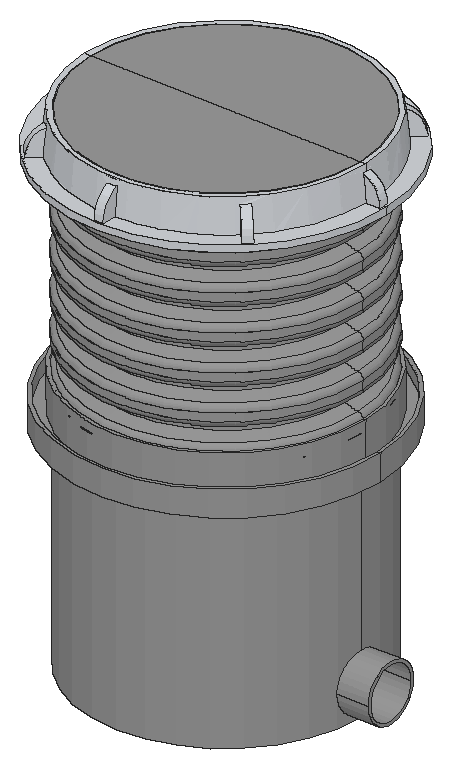
Revit family "XL-MI-G-PL-SP-OF", category Plumbing Fixtures, Revit 2015
Parameters (values of type "XL-MI-G-PL-SP-OF")
  URL = "www.mifab.com"
  Model = "XL-MI-G-PL-SP-OF"
  Manufacturer = "MIFAB"
  Description = "OFFSET EXTERNAL SAMPLING PORT"
Reference planes (in)
  plane 1 "Center (Front/Back)": y = 0
  plane 2: z = 0
  plane 3 "Center (Left/Right)": x = 0
  plane 4: z = -7
  plane 5: z = -16.53
  plane 6: z = 19.87
  plane 7: z = 16.87
  plane 8: x = -9
Forms (in)
  Revolve 1, solid, material "Steel AISI 1030 128A HR"
    sketch origin (0, 0, 0) x (1, 0, 0) y (0, 0, 1)
      loop
        line (-12.13081, 0) -> (-12.13081, -2) -> (-10.625, -2) -> (-10.625, -19) -> (0, -19) -> (0, -18.75) -> (-10.375, -18.75) -> (-10.375, -1.75) -> (-11.88081, -1.75) -> (-11.88081, 0) -> (-12.13081, 0)
      axis (0, 0) -> (0, -19)
    angle from 0 to 360
  Revolve 2, solid, material "Steel, Polished"
    sketch origin (0, 0, 0) x (1, 0, 0) y (0, 0, 1)
      loop
        line (-9, 16.87) -> (-9.25, 16.87) -> (-9.25, 16.56183) -> (-10.37485, 16.26043)
        arc (-10.37485, 16.26043) -> (-10.64211, 16.08185) -> (-10.74544, 15.77747) r 0.5
        line (-10.74544, 15.77747) -> (-10.74544, 15.16113)
        arc (-10.74544, 15.16113) -> (-10.64211, 14.85675) -> (-10.37485, 14.67817) r 0.5
        line (-10.37485, 14.67817) -> (-9.25, 14.37677) -> (-9.25, 14.0686) -> (-9.25, 13.76043) -> (-10.37485, 13.45903)
        arc (-10.37485, 13.45903) -> (-10.64211, 13.28045) -> (-10.74544, 12.97606) r 0.5
        line (-10.74544, 12.97606) -> (-10.74544, 12.35973)
        arc (-10.74544, 12.35973) -> (-10.64211, 12.05535) -> (-10.37485, 11.87677) r 0.5
        line (-10.37485, 11.87677) -> (-9.25, 11.57536) -> (-9.25, 11.2672) -> (-9.25, 10.95903) -> (-10.37485, 10.65763)
        arc (-10.37485, 10.65763) -> (-10.64211, 10.47904) -> (-10.74544, 10.17466) r 0.5
        line (-10.74544, 10.17466) -> (-10.74544, 9.55833)
        arc (-10.74544, 9.55833) -> (-10.64211, 9.25395) -> (-10.37485, 9.07536) r 0.5
        line (-10.37485, 9.07536) -> (-9.25, 8.77396) -> (-9.25, 8.46579) -> (-9.25, 8.15763) -> (-10.37485, 7.85622)
        arc (-10.37485, 7.85622) -> (-10.64211, 7.67764) -> (-10.74544, 7.37326) r 0.5
        line (-10.74544, 7.37326) -> (-10.74544, 6.75692)
        arc (-10.74544, 6.75692) -> (-10.64211, 6.45254) -> (-10.37485, 6.27396) r 0.5
        line (-10.37485, 6.27396) -> (-9.25, 5.97256) -> (-9.25, 5.66439) -> (-9.25, 5.35622) -> (-10.37485, 5.05482)
        arc (-10.37485, 5.05482) -> (-10.64211, 4.87624) -> (-10.74544, 4.57186) r 0.5
        line (-10.74544, 4.57186) -> (-10.74544, 3.95552)
        arc (-10.74544, 3.95552) -> (-10.64211, 3.65114) -> (-10.37485, 3.47256) r 0.5
        line (-10.37485, 3.47256) -> (-9.25, 3.17116) -> (-9.25, 2.86299) -> (-9.25, 2.55482) -> (-10.37485, 2.25342)
        arc (-10.37485, 2.25342) -> (-10.64211, 2.07484) -> (-10.74544, 1.77046) r 0.5
        line (-10.74544, 1.77046) -> (-10.74544, 1.15412)
        arc (-10.74544, 1.15412) -> (-10.64211, 0.84974) -> (-10.37485, 0.67116) r 0.5
        line (-10.37485, 0.67116) -> (-9.25, 0.36976) -> (-9.25, 0.06159) -> (-9.25, -0.24658) -> (-10.37485, -0.54798)
        arc (-10.37485, -0.54798) -> (-10.64211, -0.72657) -> (-10.74544, -1.03095) r 0.5
        line (-10.74544, -1.03095) -> (-10.74544, -1.75) -> (-10.49544, -1.75) -> (-10.49544, -1.03095)
        arc (-10.49544, -1.03095) -> (-10.44378, -0.87876) -> (-10.31014, -0.78946) r 0.25
        line (-10.31014, -0.78946) -> (-9.1853, -0.48806)
        arc (-9.1853, -0.48806) -> (-9.05166, -0.39877) -> (-9, -0.24658) r 0.25
        line (-9, -0.24658) -> (-9, 0.06159) -> (-9, 0.36976)
        arc (-9, 0.36976) -> (-9.05166, 0.52195) -> (-9.1853, 0.61124) r 0.25
        line (-9.1853, 0.61124) -> (-10.31014, 0.91264)
        arc (-10.31014, 0.91264) -> (-10.44378, 1.00193) -> (-10.49544, 1.15412) r 0.25
        line (-10.49544, 1.15412) -> (-10.49544, 1.77046)
        arc (-10.49544, 1.77046) -> (-10.44378, 1.92265) -> (-10.31014, 2.01194) r 0.25
        line (-10.31014, 2.01194) -> (-9.1853, 2.31334)
        arc (-9.1853, 2.31334) -> (-9.05166, 2.40263) -> (-9, 2.55482) r 0.25
        line (-9, 2.55482) -> (-9, 2.86299) -> (-9, 3.17116)
        arc (-9, 3.17116) -> (-9.05166, 3.32335) -> (-9.1853, 3.41264) r 0.25
        line (-9.1853, 3.41264) -> (-10.31014, 3.71404)
        arc (-10.31014, 3.71404) -> (-10.44378, 3.80333) -> (-10.49544, 3.95552) r 0.25
        line (-10.49544, 3.95552) -> (-10.49544, 4.57186)
        arc (-10.49544, 4.57186) -> (-10.44378, 4.72405) -> (-10.31014, 4.81334) r 0.25
        line (-10.31014, 4.81334) -> (-9.1853, 5.11474)
        arc (-9.1853, 5.11474) -> (-9.05166, 5.20403) -> (-9, 5.35622) r 0.25
        line (-9, 5.35622) -> (-9, 5.66439) -> (-9, 5.97256)
        arc (-9, 5.97256) -> (-9.05166, 6.12475) -> (-9.1853, 6.21404) r 0.25
        line (-9.1853, 6.21404) -> (-10.31014, 6.51544)
        arc (-10.31014, 6.51544) -> (-10.44378, 6.60473) -> (-10.49544, 6.75692) r 0.25
        line (-10.49544, 6.75692) -> (-10.49544, 7.37326)
        arc (-10.49544, 7.37326) -> (-10.44378, 7.52545) -> (-10.31014, 7.61474) r 0.25
        line (-10.31014, 7.61474) -> (-9.1853, 7.91614)
        arc (-9.1853, 7.91614) -> (-9.05166, 8.00543) -> (-9, 8.15763) r 0.25
        line (-9, 8.15763) -> (-9, 8.46579) -> (-9, 8.77396)
        arc (-9, 8.77396) -> (-9.05166, 8.92615) -> (-9.1853, 9.01544) r 0.25
        line (-9.1853, 9.01544) -> (-10.31014, 9.31684)
        arc (-10.31014, 9.31684) -> (-10.44378, 9.40614) -> (-10.49544, 9.55833) r 0.25
        line (-10.49544, 9.55833) -> (-10.49544, 10.17466)
        arc (-10.49544, 10.17466) -> (-10.44378, 10.32685) -> (-10.31014, 10.41614) r 0.25
        line (-10.31014, 10.41614) -> (-9.1853, 10.71755)
        arc (-9.1853, 10.71755) -> (-9.05166, 10.80684) -> (-9, 10.95903) r 0.25
        line (-9, 10.95903) -> (-9, 11.2672) -> (-9, 11.57536)
        arc (-9, 11.57536) -> (-9.05166, 11.72755) -> (-9.1853, 11.81685) r 0.25
        line (-9.1853, 11.81685) -> (-10.31014, 12.11825)
        arc (-10.31014, 12.11825) -> (-10.44378, 12.20754) -> (-10.49544, 12.35973) r 0.25
        line (-10.49544, 12.35973) -> (-10.49544, 12.97606)
        arc (-10.49544, 12.97606) -> (-10.44378, 13.12826) -> (-10.31014, 13.21755) r 0.25
        line (-10.31014, 13.21755) -> (-9.1853, 13.51895)
        arc (-9.1853, 13.51895) -> (-9.05166, 13.60824) -> (-9, 13.76043) r 0.25
        line (-9, 13.76043) -> (-9, 14.0686) -> (-9, 14.37677)
        arc (-9, 14.37677) -> (-9.05166, 14.52896) -> (-9.1853, 14.61825) r 0.25
        line (-9.1853, 14.61825) -> (-10.31014, 14.91965)
        arc (-10.31014, 14.91965) -> (-10.44378, 15.00894) -> (-10.49544, 15.16113) r 0.25
        line (-10.49544, 15.16113) -> (-10.49544, 15.77747)
        arc (-10.49544, 15.77747) -> (-10.44378, 15.92966) -> (-10.31014, 16.01895) r 0.25
        line (-10.31014, 16.01895) -> (-9.1853, 16.32035)
        arc (-9.1853, 16.32035) -> (-9.05166, 16.40964) -> (-9, 16.56183) r 0.25
        line (-9, 16.56183) -> (-9, 16.87)
      axis (0, -1.75) -> (0, 16.87)
    angle from 0 to 360
  Revolve 3, solid, material "Steel, Chrome Plated"
    sketch origin (0, 0, 0) x (1, 0, 0) y (0, 0, 1)
      loop
        line (-10.75, 1.91867) -> (-11, 1.91867) -> (-11, -1) -> (-11.87882, -1) -> (-11.87882, -1.75) -> (-10.75, -1.75) -> (-10.75, 1.91867)
      axis (0, -1.75) -> (0, 1.91867)
    angle from 0 to 360
  Revolve 4, solid
    sketch origin (0, 0, 0) x (1, 0, 0) y (0, 0, 1)
      loop
        line (-12.59369, 16.87) -> (-9, 16.87) -> (-8.88784, 16.56183) -> (-8.38784, 16.56183) -> (-8.6185, 17.87) -> (-9.84543, 17.87) -> (-10.57337, 19.87) -> (-11, 19.87) -> (-11.26276, 17.37) -> (-12.59369, 17.37) -> (-12.59369, 16.87)
      axis (0, 19.87) -> (0, 16.56183)
    angle from 0 to 360
  Extrusion 5, solid, material "Steel AISI 1030 128A HR"
    sketch origin (0, 0, 0) x (0, 1, 0) y (0, 0, 1)
      loop
        circle (0, -16.53) r 2.19
    from 10.16103 to 12.92543
  Extrusion 6, void
    sketch origin (0, 0, 0) x (0, 1, 0) y (0, 0, 1)
      loop
        circle (0, -16.53) r 2
    from -6.41266 to 15.79644
  Extrusion 7, solid, material "Steel AISI 1030 128A HR"
    sketch origin (0, 0, 0) x (0, 1, 0) y (0, 0, -1)
      loop
        circle (0, 7) r 2.19
    from 10.16103 to 12.92543
  Revolve 8, solid, material "Steel, Chrome Plated"
    sketch origin (0, 0, 0) x (1, 0, 0) y (0, 0, 1)
      loop
        line (-10.57337, 19.87) -> (-9.84543, 17.87) -> (0, 17.87) -> (0, 19.87) -> (-10.57337, 19.87)
      axis (0, 19.87) -> (0, 17.87)
    angle from 0 to 360
  Sweep 9, solid
    path origin (0, 0, 0) x (-0.707107, 0.707107, 0) y (0, 0, 1)
      loop
        arc (-12.36705, 17.2319) -> (-12.02173, 18.56242) -> (-10.95297, 19.42688) r 2.19564
    profile origin (8.50065, -8.50065, 18.56242) x (0.594431, -0.594431, 0.541576) y (0.707107, 0.707107, 0)
      loop
        line (0, -0.35121) -> (0, 0.33488) -> (-0.42506, 0.33488) -> (-0.42506, -0.35121) -> (0, -0.35121)
  Extrusion 10, solid
    sketch origin (0, 0, 0) x (-0.707107, 0.707107, 0) y (0, 0, 1)
      loop
        arc (-10.86142, 19.00583) -> (-11.65143, 18.35206) -> (-11.94654, 17.37) r 1.77058
        line (-11.94654, 17.37) -> (-10.86142, 17.37) -> (-10.86142, 19.00583)
    from -0.35121 to 0.33488
  Sweep 11, solid
    path origin (0, 0, 0) x (-1, 0, 0) y (0, 0, 1)
      loop
        arc (-12.36705, 17.2319) -> (-12.02173, 18.56242) -> (-10.95297, 19.42688) r 2.19564
    profile origin (12.02173, 0, 18.56242) x (0.840652, 0, 0.541576) y (0, 1, 0)
      loop
        line (0, -0.35121) -> (0, 0.33488) -> (-0.42506, 0.33488) -> (-0.42506, -0.35121) -> (0, -0.35121)
  Extrusion 12, solid
    sketch origin (0, 0, 0) x (-1, 0, 0) y (0, 0, 1)
      loop
        arc (-10.86142, 19.00583) -> (-11.65143, 18.35206) -> (-11.94654, 17.37) r 1.77058
        line (-11.94654, 17.37) -> (-10.86142, 17.37) -> (-10.86142, 19.00583)
    from -0.35121 to 0.33488
  Sweep 13, solid
    path origin (0, 0, 0) x (0, 1, 0) y (0, 0, 1)
      loop
        arc (-12.36705, 17.2319) -> (-12.02173, 18.56242) -> (-10.95297, 19.42688) r 2.19564
    profile origin (0, -12.02173, 18.56242) x (0, -0.840652, 0.541576) y (1, 0, 0)
      loop
        line (0, -0.35121) -> (0, 0.33488) -> (-0.42506, 0.33488) -> (-0.42506, -0.35121) -> (0, -0.35121)
  Extrusion 14, solid
    sketch origin (0, 0, 0) x (0, 1, 0) y (0, 0, 1)
      loop
        arc (-10.86142, 19.00583) -> (-11.65143, 18.35206) -> (-11.94654, 17.37) r 1.77058
        line (-11.94654, 17.37) -> (-10.86142, 17.37) -> (-10.86142, 19.00583)
    from -0.35121 to 0.33488
  Sweep 15, solid
    path origin (0, 0, 0) x (0.707107, 0.707107, 0) y (0, 0, 1)
      loop
        arc (-12.36705, 17.2319) -> (-12.02173, 18.56242) -> (-10.95297, 19.42688) r 2.19564
    profile origin (-8.50065, -8.50065, 18.56242) x (-0.594431, -0.594431, 0.541576) y (0.707107, -0.707107, 0)
      loop
        line (0, -0.35121) -> (0, 0.33488) -> (-0.42506, 0.33488) -> (-0.42506, -0.35121) -> (0, -0.35121)
  Extrusion 16, solid
    sketch origin (0, 0, 0) x (0.707107, 0.707107, 0) y (0, 0, 1)
      loop
        arc (-10.86142, 19.00583) -> (-11.65143, 18.35206) -> (-11.94654, 17.37) r 1.77058
        line (-11.94654, 17.37) -> (-10.86142, 17.37) -> (-10.86142, 19.00583)
    from -0.35121 to 0.33488
  Sweep 17, solid
    path origin (0, 0, 0) x (1, 0, 0) y (0, 0, 1)
      loop
        arc (-12.36705, 17.2319) -> (-12.02173, 18.56242) -> (-10.95297, 19.42688) r 2.19564
    profile origin (-12.02173, 0, 18.56242) x (-0.840652, 0, 0.541576) y (0, -1, 0)
      loop
        line (0, -0.35121) -> (0, 0.33488) -> (-0.42506, 0.33488) -> (-0.42506, -0.35121) -> (0, -0.35121)
  Extrusion 18, solid
    sketch origin (0, 0, 0) x (1, 0, 0) y (0, 0, 1)
      loop
        arc (-10.86142, 19.00583) -> (-11.65143, 18.35206) -> (-11.94654, 17.37) r 1.77058
        line (-11.94654, 17.37) -> (-10.86142, 17.37) -> (-10.86142, 19.00583)
    from -0.35121 to 0.33488
  Sweep 19, solid
    path origin (0, 0, 0) x (0.707107, -0.707107, 0) y (0, 0, 1)
      loop
        arc (-12.36705, 17.2319) -> (-12.02173, 18.56242) -> (-10.95297, 19.42688) r 2.19564
    profile origin (-8.50065, 8.50065, 18.56242) x (-0.594431, 0.594431, 0.541576) y (-0.707107, -0.707107, 0)
      loop
        line (0, -0.35121) -> (0, 0.33488) -> (-0.42506, 0.33488) -> (-0.42506, -0.35121) -> (0, -0.35121)
  Extrusion 20, solid
    sketch origin (0, 0, 0) x (0.707107, -0.707107, 0) y (0, 0, 1)
      loop
        arc (-10.86142, 19.00583) -> (-11.65143, 18.35206) -> (-11.94654, 17.37) r 1.77058
        line (-11.94654, 17.37) -> (-10.86142, 17.37) -> (-10.86142, 19.00583)
    from -0.35121 to 0.33488
  Sweep 21, solid
    path origin (0, 0, 0) x (0, -1, 0) y (0, 0, 1)
      loop
        arc (-12.36705, 17.2319) -> (-12.02173, 18.56242) -> (-10.95297, 19.42688) r 2.19564
    profile origin (0, 12.02173, 18.56242) x (0, 0.840652, 0.541576) y (-1, 0, 0)
      loop
        line (0, -0.35121) -> (0, 0.33488) -> (-0.42506, 0.33488) -> (-0.42506, -0.35121) -> (0, -0.35121)
  Extrusion 22, solid
    sketch origin (0, 0, 0) x (0, -1, 0) y (0, 0, 1)
      loop
        arc (-10.86142, 19.00583) -> (-11.65143, 18.35206) -> (-11.94654, 17.37) r 1.77058
        line (-11.94654, 17.37) -> (-10.86142, 17.37) -> (-10.86142, 19.00583)
    from -0.35121 to 0.33488
  Sweep 23, solid
    path origin (0, 0, 0) x (-0.707107, -0.707107, 0) y (0, 0, 1)
      loop
        arc (-12.36705, 17.2319) -> (-12.02173, 18.56242) -> (-10.95297, 19.42688) r 2.19564
    profile origin (8.50065, 8.50065, 18.56242) x (0.594431, 0.594431, 0.541576) y (-0.707107, 0.707107, 0)
      loop
        line (0, -0.35121) -> (0, 0.33488) -> (-0.42506, 0.33488) -> (-0.42506, -0.35121) -> (0, -0.35121)
  Extrusion 24, solid
    sketch origin (0, 0, 0) x (-0.707107, -0.707107, 0) y (0, 0, 1)
      loop
        arc (-10.86142, 19.00583) -> (-11.65143, 18.35206) -> (-11.94654, 17.37) r 1.77058
        line (-11.94654, 17.37) -> (-10.86142, 17.37) -> (-10.86142, 19.00583)
    from -0.35121 to 0.33488
  Extrusion 25, void
    sketch origin (0, 0, 9.53) x (0, 1, 0) y (0, 0, 1)
      loop
        circle (0, -16.53) r 2
    from -13.69599 to -6.41266
Cuts and joins
  joined: Revolve 4, Sweep 9, Extrusion 10, Sweep 11, Extrusion 12, Sweep 13, Extrusion 14, Sweep 15, Extrusion 16, Sweep 17, Extrusion 18, Sweep 19, Extrusion 20, Sweep 21, Extrusion 22, Sweep 23, Extrusion 24
  Extrusion 6, Extrusion 25 cuts Revolve 1
  Extrusion 6, Extrusion 25 cuts Extrusion 5
  Extrusion 6, Extrusion 25 cuts Extrusion 7
  joined: Revolve 1, Extrusion 5, Extrusion 7
Dimensions and locks (in)
  locked: plane 4 to plane 2 at 7
  locked: plane 4 to Revolve 1 sketch curve at 12
  locked: plane 5 to Revolve 1 at 2.47
  locked: plane 6 to plane 5 at 36.4
  locked: plane 6 to plane 7 at 3
  locked: plane 8 to plane 3 "Center (Left/Right)" at 9
  locked: Extrusion 5 to Extrusion 5 at 2.7644
  locked: Extrusion 7 to Extrusion 7 at 2.7644
  aligned and locked: level to plane 2
  aligned and locked: Revolve 1 sketch curve to plane 3 "Center (Left/Right)"
  aligned and locked: Revolve 2 sketch curve to Revolve 1
  aligned and locked: Revolve 2 sketch curve to plane 7
  aligned and locked: Revolve 2 sketch curve to Revolve 2 sketch curve
  aligned and locked: plane 3 "Center (Left/Right)" to Revolve 2 sketch curve
  aligned and locked: plane 3 "Center (Left/Right)" to Revolve 3 sketch curve
  aligned and locked: Revolve 4 sketch curve to plane 3 "Center (Left/Right)"
  aligned and locked: plane 5 to Extrusion 5 sketch curve
  aligned and locked: plane 1 "Center (Front/Back)" to Extrusion 5 sketch curve
  aligned and locked: plane 1 "Center (Front/Back)" to Extrusion 6 sketch curve
  aligned and locked: plane 5 to Extrusion 6 sketch curve
  aligned and locked: Extrusion 10 sketch curve to Sweep 9
  aligned and locked: Extrusion 10 to Sweep 9
  aligned and locked: Sweep 9 to Extrusion 10
  aligned and locked: Extrusion 12 sketch curve to Sweep 11
  aligned and locked: Extrusion 12 to Sweep 11
  aligned and locked: Sweep 11 to Extrusion 12
  aligned and locked: Extrusion 14 sketch curve to Sweep 13
  aligned and locked: Extrusion 14 to Sweep 13
  aligned and locked: Sweep 13 to Extrusion 14
  aligned and locked: Extrusion 16 sketch curve to Sweep 15
  aligned and locked: Sweep 15 to Extrusion 16
  aligned and locked: Extrusion 16 to Sweep 15
  aligned and locked: Extrusion 18 sketch curve to Sweep 17
  aligned and locked: Sweep 17 to Extrusion 18
  aligned and locked: Extrusion 18 to Sweep 17
  aligned and locked: Extrusion 20 sketch curve to Sweep 19
  aligned and locked: Sweep 19 to Extrusion 20
  aligned and locked: Extrusion 20 to Sweep 19
  aligned and locked: Extrusion 22 sketch curve to Sweep 21
  aligned and locked: Sweep 21 to Extrusion 22
  aligned and locked: Extrusion 22 to Sweep 21
  aligned and locked: Extrusion 24 sketch curve to Sweep 23
  aligned and locked: Extrusion 24 to Sweep 23
  aligned and locked: Sweep 23 to Extrusion 24
  aligned and locked: plane 4 to Extrusion 7 sketch curve
  aligned and locked: plane 1 "Center (Front/Back)" to Extrusion 7 sketch curve
Connectors (in)
  piping at (-12.92543, 0, -7), diameter 4
    settings: on cut or joined group of Revolve 1, Extrusion 5, Extrusion 6, Extrusion 7, Extrusion 25, index 2, connector inside diameter 24", connector length 0", flow factor 0, pipe flow 0 GPM, pressure drop 0.00 psi, fitting loss kfactor 0, connector angle 0.00°, fixture units 0, engagement length 0", angle of deflection 0.00°, flow configuration 0, flow direction 0, fitting loss method 0, system type 7, joint type 0, gender type 0, connector reference index -1, connector utility 0, adjustable connector no, is connector primary yes, connector description ""
  piping at (12.92543, 0, -16.53), diameter 4
    settings: on cut or joined group of Revolve 1, Extrusion 5, Extrusion 6, Extrusion 7, Extrusion 25, index 3, connector inside diameter 24", connector length 0", flow factor 0, pipe flow 0 GPM, pressure drop 0.00 psi, fitting loss kfactor 0, connector angle 0.00°, fixture units 0, engagement length 0", angle of deflection 0.00°, flow configuration 0, flow direction 0, fitting loss method 0, system type 7, joint type 0, gender type 0, connector reference index -1, connector utility 0, adjustable connector no, is connector primary no, connector description ""
